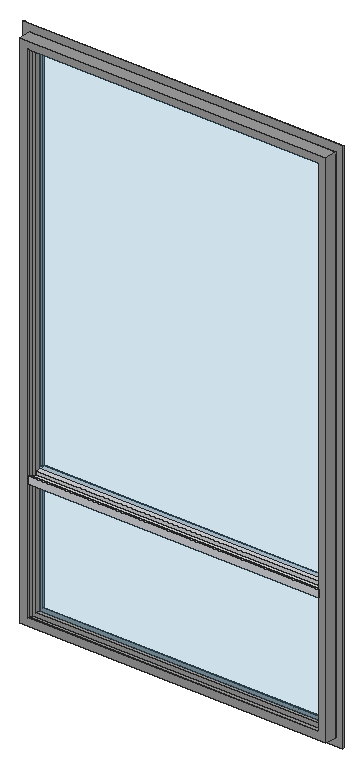
Revit family "Window_TypeB", category Windows, host Wall, Revit 2019
Family settings
  Host = Wall
  OmniClass Number = 23.30.20.00
  OmniClass Title = Windows
  Always vertical = Yes
  Cut with Voids When Loaded = No
  Shared = No
  Room Calculation Point = No
Parameters (values of type "3'-6" x 6'-0"")
  Vent Sq. Ft. [instance] = 0
  Uo Value [instance] = 0
  SHGC [instance] = 0
  Rough Width = Width + 0' 0 1/2"  # 3' - 6 1/2"
  Rough Height = Height + 0' 0 1/2"  # 6' - 0 1/2"
  Lower Pane Height = 1' - 6"
  Light Sq. Ft. [instance] = 0
  Height = 6' - 0"
  Default Sill Height = 2' - 0"
  Wall Closure = By host
  Width = 3' - 6"
  Analytic Construction = "<None>"
Reference planes (in)
  plane 1 "Center (Front/Back)": y = 0
  plane 2: z = 0
  plane 3 "Center (Left/Right)": x = 0
  plane 4 "Left": x = -21
  plane 5 "Right": x = 21
  plane 6 "Sill": z = 24
  plane 7 "Top": z = 96
  plane 8 "Exterior": y = 3
  plane 9: x = -20.4375
  plane 10: x = 20.4375
  plane 11: z = 95.4375
  plane 12: z = 24.5625
  plane 13 "glass inner": y = 1.8125
  plane 14 "glass outer": y = 3.3125
  plane 15: y = 1.5
  plane 16: y = 0
  plane 17: x = 20
  plane 18: x = -20
  plane 19: x = -21.75
  plane 20: x = 21.75
  plane 21: z = 42
Forms (in)
  Sweep 1, solid, material "Default"
    path origin (0, 3, 0) x (-1, 0, 0) y (0, 0, 1)
      loop
        line (-21, 96) -> (-21, 24) -> (21, 24) -> (21, 96) -> (-21, 96)
    profile "Window- outer frame : Window- outer frame" origin (0, 3, 96) x (0, 0, 1) y (0, 1, 0)
      loop
        line (0, 0) -> (1, 0) -> (1, 0.0625) -> (0, 0.0625) -> (0, 1.25) -> (-1, 1.25) -> (-1, 1.0625) -> (-0.5, 1.0625) -> (-0.5, 0.3125) -> (-1, 0.3125) -> (-1, -0.1875) -> (-0.5, -0.1875) -> (-0.5, -1.4375) -> (-1, -1.4375) -> (-1, -1.625) -> (0, -1.625) -> (0, 0)
  Extrusion 2, solid
    sketch origin (0, 3.3125, 0) x (-1, 0, 0) y (0, 0, 1)
      loop
        line (-20.5, 95.5) -> (-20.5, 42.5) -> (20.5, 42.5) -> (20.5, 95.5) -> (-20.5, 95.5)
    from 0 to 0.75
  Sweep 3, solid
    path origin (0, 3, 0) x (-1, 0, 0) y (0, 0, 1)
      loop
        line (-20, 42) -> (20, 42)
    profile "Window- center mullion : Window- center mullion" origin (0, 3, 42) x (0, 0, 1) y (0, 1, 0)
      loop
        line (-0.5, 1.25) -> (-0.5, 1.0625) -> (0, 1.0625) -> (0, 0.3125) -> (-0.5, 0.3125) -> (-0.5, -1.625) -> (0.5, -1.625) -> (0.5, -1.4375) -> (0, -1.4375) -> (0, -0.1875) -> (0.5, -0.1875) -> (0.5, 1.25) -> (-0.5, 1.25)
  Extrusion 4, solid, material "Glass"
    sketch origin (0, 3.3125, 0) x (-1, 0, 0) y (0, 0, 1)
      loop
        line (-20.4375, 41.9375) -> (-20.4375, 24.5625) -> (20.4375, 24.5625) -> (20.4375, 41.9375) -> (-20.4375, 41.9375)
    from 0 to 0.75
Lines and regions (in)
  Opening 1
    outline origin (-60, -3, 0) x (1, 0, 0) y (0, 0, 1)
      loop
        line (39, 96) -> (39, 24) -> (81, 24) -> (81, 96) -> (39, 96)
  Masking region 1
    outline origin (0, 0, 24) x (0, -1, 0) y (1, 0, 0)
      loop
        line (3, -21) -> (3, 21) -> (-3, 21) -> (-3, 21.75) -> (-4.25, 21.75) -> (-4.25, -21.75) -> (-3, -21.75) -> (-3, -21) -> (3, -21)
  symbolic lines, style "WindowsOpeningProjection"
    curve 1: line (-20, 1.5, 24) -> (-21, 1.5, 24)
    curve 2: line (-20, 1.5, 24) -> (-20, 0, 24)
    curve 3: line (-20, 0, 24) -> (-21, 0, 24)
    curve 4: line (20, 1.5, 24) -> (21, 1.5, 24)
    curve 5: line (20, 1.5, 24) -> (20, 0, 24)
    curve 6: line (20, 0, 24) -> (21, 0, 24)
    curve 7: line (20, 0.75, 24) -> (-20, 0.75, 24)
Text (in)
  text "EXTERIOR" at (-58.6888, 50.90694, 0), in view "Ref. Level"
  text "INTERIOR" at (-58.6888, -37.76638, 0), in view "Ref. Level"
  text "Exterior" at (0, 43.65631, 123.19604), in view "Left"
  text "Exterior" at (0, 18.29385, 125.04747), in view "Right"
Dimensions and locks (in)
  equal spacing: plane 4 "Left", plane 3 "Center (Left/Right)", plane 5 "Right"
  "Width": plane 4 "Left" to plane 5 "Right"
  "Height": plane 6 "Sill" to plane 7 "Top"
  "Default Sill Height": plane 2 to plane 6 "Sill"
  locked: plane 4 "Left" to plane 9 at 0.5625
  locked: plane 10 to plane 5 "Right" at 0.5625
  locked: plane 6 "Sill" to plane 12 at 0.5625
  locked: plane 11 to plane 7 "Top" at 0.5625
  locked: plane 8 "Exterior" to plane 13 "glass inner" at 1.1875
  locked: plane 14 "glass outer" to plane 8 "Exterior" at 0.3125
  locked: plane 8 "Exterior" to plane 15 at 1.5
  locked: plane 8 "Exterior" to plane 16 at 3
  locked: plane 4 "Left" to plane 18 at 1
  locked: plane 17 to plane 5 "Right" at 1
  locked: plane 5 "Right" to plane 20 at 0.75
  locked: plane 19 to plane 4 "Left" at 0.75
  "Lower Pane Height": plane 6 "Sill" to plane 21
  aligned and locked: plane 7 "Top" to Opening 1 sketch curve
  aligned and locked: plane 6 "Sill" to Opening 1 sketch curve  (x2)
  aligned and locked: plane 5 "Right" to Opening 1 sketch curve
  aligned and locked: plane 4 "Left" to Opening 1 sketch curve
  aligned and locked: level to plane 2
  aligned and locked: host wall to plane 8 "Exterior"
  aligned and locked: Extrusion 2 sketch curve to Sweep 1
  aligned and locked: Masking region 1 sketch curve to Sweep 1
  aligned and locked: plane 10 to Extrusion 4 sketch curve
  aligned and locked: Extrusion 4 sketch curve to plane 12
  aligned and locked: plane 9 to Extrusion 4 sketch curve
  aligned and locked: Extrusion 2 to Sweep 3
Automatic sketch dimensions
  plane 4 "Left" to Sweep 1 sketch curve = 0' - 0"
  Sweep 1 sketch curve to plane 6 "Sill" = 0' - 0"
  plane 5 "Right" to Sweep 1 sketch curve = 0' - 0"
  Sweep 1 sketch curve to plane 7 "Top" = 0' - 0"
  Extrusion 2 sketch curve to plane 10 = 0' - 0 1/16"
  Extrusion 2 sketch curve to plane 11 = 0' - 0 1/16"
  Masking region 1 sketch curve to plane 20 = 0' - 0"
  Masking region 1 sketch curve to plane 19 = 0' - 0"
  Masking region 1 sketch curve to host wall = 0' - 0"  (x2)
  Masking region 1 sketch curve to plane 5 "Right" = 0' - 0"
  host wall to Masking region 1 sketch curve = 0' - 0"
  Masking region 1 sketch curve to plane 4 "Left" = 0' - 0"
  curve 5 to plane 16 = 0' - 0"
  curve 2 to plane 16 = 0' - 0"
  curve 1 to plane 4 "Left" = 0' - 0"
  curve 3 to plane 4 "Left" = 0' - 0"
  curve 6 to plane 5 "Right" = 0' - 0"
  curve 4 to plane 5 "Right" = 0' - 0"
  curve 7 to curve 2 = 0' - 0 3/4"
  Sweep 3 sketch curve to plane 17 = 0' - 0"
  Sweep 3 sketch curve to plane 18 = 0' - 0"
  Sweep 3 sketch curve to plane 21 = 0' - 0"
  curve 5 to plane 15 = 0' - 0"
  curve 4 to plane 17 = 0' - 0"
  curve 1 to plane 15 = 0' - 0"
  curve 2 to plane 18 = 0' - 0"
  plane 21 to Extrusion 2 sketch curve = 0' - 0 1/2"
  Extrusion 4 sketch curve to plane 21 = 0' - 0 1/16"
